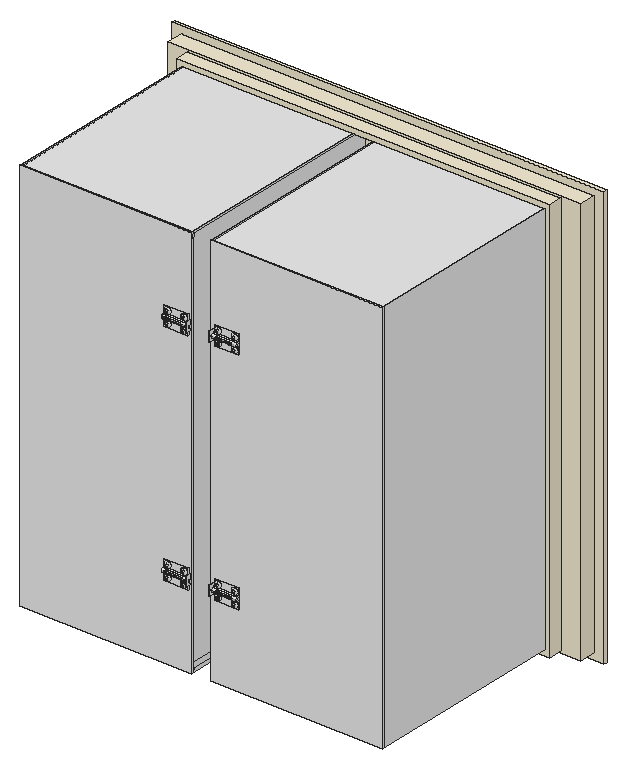
Revit family "Mailboxes_4C-Salsbury_Industries-Rear_Load-8_Door_High_Units", category Specialty Equipment, host Wall, Revit 2016
Family settings
  Host = Wall
  Part Type = Normal
  Round Connector Dimension = Use Diameter
  OmniClass Number = 23.40.90.14.11
  OmniClass Title = Mail Boxes
  Always vertical = Yes
  Cut with Voids When Loaded = No
  Shared = No
  Room Calculation Point = No
Parameters (values of type "3708D-14 RL")
  Width = 31.09766"
  URL = "www.mailboxes.com"
  OmniClass 23 Title = "Mail Boxes"
  OmniClass 23 Number = "23.40.90.14.11"
  Latch Locks-Right Side = yes
  Visible Door Number [instance] = yes
  Vertical Center Divider = yes
  Version = "3.0 (06/30/17)"
  Type Comments = "4C Standard Horizontal Mailbox - Rear Loading"
  Top Back Plate = no
  Right Inside Wall = yes
  Model = "3708D-14 RL"
  MasterFormat Title = "Postal Specialties"
  MasterFormat Number = "10 55 00"
  Manufacturer = "Salsbury Industries"
  Lock Material = Stainless Steel - Salsbury Finish -  Polished
  Left Inside Wall = yes
  Latch Locks-Left Side = yes
  Latch Distance = 6.015"
  Latch Alignment = 14.857"
  Keynote = ""
  Height = 30.500"
  Front Panel Material [instance] = Paint - Salsbury Finish - Sandstone
  Door Slot R8 Number [instance] = "14"
  Door Slot R8 = 3700 Series 4C Door Configurations : MB1 Door w/ Divider
  Door Slot R7 Number [instance] = "13"
  Door Slot R7 = 3700 Series 4C Door Configurations : MB1 Door w/ Divider
  Door Slot R6 Number [instance] = "12"
  Door Slot R6 = 3700 Series 4C Door Configurations : MB1 Door w/ Divider
  Door Slot R5 Number [instance] = "0"
  Door Slot R5 = 3700 Series 4C OM2 Configuration : OM2-RL
  Door Slot R4 Number [instance] = "0"
  Door Slot R4 = 3700 Series 4C Door Configurations : Empty
  Door Slot R3 Number [instance] = "11"
  Door Slot R3 = 3700 Series 4C Door Configurations : MB1 Door w/ Divider
  Door Slot R2 Number [instance] = "10"
  Door Slot R2 = 3700 Series 4C Door Configurations : MB1 Door w/ Divider
  Door Slot R1 Number [instance] = "9"
  Door Slot R1 = 3700 Series 4C Door Configurations : MB1 Door
  Door Slot L8 Number [instance] = "8"
  Door Slot L8 = 3700 Series 4C Door Configurations : MB1 Door w/ Divider
  Door Slot L7 Number [instance] = "7"
  Door Slot L7 = 3700 Series 4C Door Configurations : MB1 Door w/ Divider
  Door Slot L6 Number [instance] = "6"
  Door Slot L6 = 3700 Series 4C Door Configurations : MB1 Door w/ Divider
  Door Slot L5 Number [instance] = "5"
  Door Slot L5 = 3700 Series 4C Door Configurations : MB1 Door w/ Divider
  Door Slot L4 Number [instance] = "4"
  Door Slot L4 = 3700 Series 4C Door Configurations : MB1 Door w/ Divider
  Door Slot L3 Number [instance] = "3"
  Door Slot L3 = 3700 Series 4C Door Configurations : MB1 Door w/ Divider
  Door Slot L2 Number [instance] = "2"
  Door Slot L2 = 3700 Series 4C Door Configurations : MB1 Door w/ Divider
  Door Slot L1 Number [instance] = "1"
  Door Slot L1 = 3700 Series 4C Door Configurations : MB1 Door
  Description = "8 Door High Unit:  14 MB1, OM2"
  Depth = 17.025"
  Center Extrusion Offset [instance] = 0.000"
  Bottom Back Plate = no
  Back Enclosure Material = Aluminum - Salsbury Finish - Anodized
  Assembly Description = "Mailboxes"
  Assembly Code = "C1030910"
  Above Finished Floor (AFF-Bottom of Unit) [instance] = 26.683"
  Above Finished Floor (AFF-Bottom Shelf) [instance] = 28.000"
Reference planes (in)
  plane 1 "Wall Centerline": y = 0
  plane 2 "Center (Left/Right)": x = 0
  plane 3 "Front": y = 3
  plane 4 "15" AFF": z = 28
  plane 5 "28" AFF": z = 28
  plane 6 "36" AFF": z = 36
  plane 7 "48" AFF": z = 48
  plane 8 "Bottom of Unit": z = 26.683
  plane 9 "Top of Unit": z = 57.183
  plane 10 "Left Side of Unit": x = 15.54883
  plane 11 "Right Side of Unit": x = -15.54883
  plane 12 "28" AFF_Bottom of Unit": z = 26.683
  plane 13 "Top Horiz Trim Align": z = 56.35225
  plane 14 "Bottom Horiz Trim Align": z = 27.515
  plane 15 "Left Trim Align": x = 14.716
  plane 16 "Right Trim Align": x = -14.716
  plane 17 "Left Door Align": x = 14.06641
  plane 18 "Right Door Align": x = -14.06641
  plane 19 "Top Horiz Door Align": z = 55.76125
  plane 20 "Bottom Horiz Door Align": z = 28
  plane 21 "Front Face of Unit": y = 3.265
  plane 22 "Top Housing Align": z = 56.679
  plane 23 "Top Collar Align": z = 56.531
  plane 24 "Top Box Align": z = 56.176
  plane 25 "Vertical Housing Align": y = 1.795
  plane 26 "Vertical Collar Align": y = 0.795
  plane 27 "Back of Unit": y = -13.76
  plane 28 "Bottom Housing Align": z = 27.187
  plane 29 "Bottom Collar Align": z = 27.335
  plane 30 "Bottom Box Align": z = 27.75
  plane 31 "Door Alignment": y = 2.66809
  plane 32 "Right Housing Align": x = -14.84183
  plane 33 "Right Collar Align": x = -13.40883
  plane 34 "Right Box Side Align": x = -13.08083
  plane 35 "Left Housing Align": x = 14.84183
  plane 36 "Left Collar Align": x = 13.40883
  plane 37 "Left Side Box Align": x = 13.08083
  plane 38 "Top Back Plate Align": z = 55.397
  plane 39 "Bottom Back Plate Align": z = 28.499
  plane 40 "Back": y = -3
  plane 41 "RO Left Side": x = 15.17383
  plane 42 "RO Right Side": x = -15.17383
  plane 43 "RO Bottom": z = 27.058
  plane 44 "RO Top": z = 56.808
  plane 45 "Horiz Centerline": z = 42.04237
  plane 46: z = 27.885
  plane 47: x = 12.99983
  plane 48: x = 12.92758
  plane 49 "Center Extrusion": x = 0
  plane 50 "Center Extrusion Offset": x = 0
  plane 51 "Row 8 Top Align": z = 31.5
  plane 52 "Row 7 Top Align": z = 35
  plane 53 "Row 6 Top Align": z = 38.5
  plane 54 "Row 5 Top Align": z = 42
  plane 55 "Row 4 Top Align": z = 45.5
  plane 56 "Row 3 Top Align": z = 49
  plane 57 "Row 2 Top Align": z = 52.5
  plane 58 "Row 16 Top Align-Private": z = 31.5
  plane 59 "Row 15 Top Align-Private": z = 35
  plane 60 "Row 14 Top Align-Private": z = 38.5
  plane 61 "Row 13 Top Align-Private": z = 42
  plane 62 "Row 12 Top Align-Private": z = 45.5
  plane 63 "Row 11 Top Align-Private": z = 49
  plane 64 "Row 10 Top Align-Private": z = 52.25
  plane 65 "Row 9 Top Align-Private": z = 55.75
  plane 66 "Row 8 Top Align-Private": z = 59.25
  plane 67 "Top of Face Gap": z = 61.25
  plane 68 "Top Latch Align": z = 50.161
  plane 69 "Bottom Latch Align": z = 33.765
  plane 70 "Right Latch Align": x = -0.69183
  plane 71 "Left Latch Align": x = 0.69098
  plane 72 "Latch Alignment Edge": x = -15.54883
  plane 73: x = -12.92783
  plane 74: x = -12.99983
  plane 75: y = -13.84203
  plane 76: x = -2
  plane 77: x = -0.7705
  plane 78: x = 0.7705
  plane 79: x = 2
  plane 80: y = -13.67797
  plane 81: x = -0.69098
  plane 82: x = 0.69183
  plane 83: z = 53.897
  plane 84: z = 29.999
  plane 85: z = 55.81729
  plane 86: z = 28.41625
  plane 87: z = 27.446
  plane 88: z = 28.055
Forms (in)
  Extrusion 1, void
    sketch origin (0, 3, 0) x (1, 0, 0) y (0, 0, 1)
      loop
        line (15.17383, 56.808) -> (-15.17383, 56.808) -> (-15.17383, 27.058) -> (15.17383, 27.058) -> (15.17383, 56.808)
    from 0 to 15.27914
  Extrusion 2, solid, material "Paint - Salsbury Finish - Sandstone" <- "Front Panel Material"
    sketch origin (0, 3, 0) x (1, 0, 0) y (0, 0, 1)
      loop
        line (15.54883, 57.183) -> (-15.54883, 57.183) -> (-15.54883, 26.683) -> (15.54883, 26.683) -> (15.54883, 57.183)
    from -0.265 to 0
  Extrusion 3, void
    sketch origin (0, 3.265, 0.00774) x (0, 0, -1) y (-1, 0, 0)
      loop
        line (-56.34451, -14.716) -> (-27.50726, -14.716) -> (-27.50726, 14.716) -> (-56.34451, 14.716) -> (-56.34451, -14.716)
    from -0.265 to 0
  Extrusion 4, solid, material "Paint - Salsbury Finish - Sandstone" <- "Front Panel Material"
    sketch origin (14.98214, 3.265, -1.67978) x (0, 0, -1) y (-1, 0, 0)
      loop
        line (-58.03203, 29.69814) -> (-58.03203, 29.04855) -> (-29.19478, 29.04855) -> (-29.19478, 29.69814) -> (-58.03203, 29.69814)
    from 0 to -0.265
  Extrusion 5, solid, material "Paint - Salsbury Finish - Sandstone" <- "Front Panel Material"
    sketch origin (0, 3.265, 0) x (0, 0, -1) y (-1, 0, 0)
      loop
        line (-27.515, -14.06641) -> (-27.515, 14.06641) -> (-28, 14.06641) -> (-28, -14.06641) -> (-27.515, -14.06641)
    from -0.265 to 0
  Extrusion 6, solid, material "Paint - Salsbury Finish - Sandstone" <- "Front Panel Material"
    sketch origin (0, 3, 84.08475) x (1, 0, 0) y (0, 0, 1)
      loop
        line (-14.84183, -56.89775) -> (14.84183, -56.89775) -> (14.84183, -27.40575) -> (-14.84183, -27.40575) -> (-14.84183, -56.89775)
    from 0 to 1.205
  Extrusion 7, solid, material "Paint - Salsbury Finish - Sandstone" <- "Front Panel Material"
    sketch origin (0, 1.795, 0) x (0, 0, 1) y (-1, 0, 0)
      loop
        line (27.335, 13.40883) -> (27.335, -13.40883) -> (56.531, -13.40883) -> (56.531, 13.40883) -> (27.335, 13.40883)
    from 0 to 1
  Extrusion 8, void
    sketch origin (0, 1.795, 0) x (0, 0, 1) y (-1, 0, 0)
      loop
        line (56.176, 13.08083) -> (27.75, 13.08083) -> (27.75, -13.08083) -> (56.176, -13.08083) -> (56.176, 13.08083)
    from 0 to 1
  Extrusion 9, solid, material "Paint - Salsbury Finish - Sandstone" <- "Front Panel Material"
    sketch origin (0, 3.265, 0) x (0, 0, -1) y (-1, 0, 0)
      loop
        line (-56.35225, -14.716) -> (-27.515, -14.716) -> (-27.515, -14.06641) -> (-56.35225, -14.06641) -> (-56.35225, -14.716)
    from 0 to -0.265
  Extrusion 10, solid, material "Paint - Salsbury Finish - Sandstone" <- "Front Panel Material"
    sketch origin (0, 3.265, 0) x (0, 0, -1) y (-1, 0, 0)
      loop
        line (-56.35225, -14.06641) -> (-55.76125, -14.06641) -> (-55.76125, 14.06641) -> (-56.35225, 14.06641) -> (-56.35225, -14.06641)
    from -0.265 to 0
  Extrusion 11, void
    sketch origin (0, 1.795, 0) x (0, 0, 1) y (-1, 0, 0)
      loop
        line (56.531, -13.40883) -> (56.531, 13.40883) -> (27.335, 13.40883) -> (27.335, -13.40883) -> (56.531, -13.40883)
    from -1.124 to 0
  Extrusion 12, void
    sketch origin (0, 3, 0) x (1, 0, 0) y (0, 0, 1)
      loop
        line (14.06641, 56.531) -> (-14.06641, 56.531) -> (-14.06641, 27.335) -> (14.06641, 27.335) -> (14.06641, 56.531)
    from 0 to 0.33191
  Extrusion 13, solid, material "Aluminum - Salsbury Finish - Anodized" <- "Back Enclosure Material"
    sketch origin (-0.58189, 1.795, 0) x (0, 0, 1) y (-1, 0, 0)
      loop
        line (56.176, 12.49894) -> (27.75, 12.49894) -> (27.75, 12.41794) -> (56.176, 12.41794) -> (56.176, 12.49894)
    from 0 to 15.47297
  Extrusion 14, solid, material "Aluminum - Salsbury Finish - Anodized" <- "Back Enclosure Material", visible <- "Right Inside Wall"
    sketch origin (11.7675, 1.795, 0) x (0, 0, 1) y (-1, 0, 0)
      loop
        line (56.176, 12.538) -> (27.75, 12.538) -> (27.75, 12.45933) -> (56.176, 12.45933) -> (56.176, 12.538)
    from 0 to 15.47297
  Extrusion 15, solid, material "Aluminum - Salsbury Finish - Anodized" <- "Back Enclosure Material"
    sketch origin (0.54283, 1.795, 0) x (0, 0, 1) y (-1, 0, 0)
      loop
        line (56.176, -12.538) -> (56.176, -12.457) -> (27.75, -12.457) -> (27.75, -12.538) -> (56.176, -12.538)
    from 0 to 15.47297
  Extrusion 16, solid, material "Aluminum - Salsbury Finish - Anodized" <- "Back Enclosure Material", visible <- "Left Inside Wall"
    sketch origin (-11.7675, 1.795, 0) x (0, 0, 1) y (-1, 0, 0)
      loop
        line (56.176, -12.538) -> (56.176, -12.45849) -> (27.75, -12.45849) -> (27.75, -12.538) -> (56.176, -12.538)
    from 0 to 15.47297
  Extrusion 17, solid, material "Aluminum - Salsbury Finish - Anodized" <- "Back Enclosure Material"
    sketch origin (0, -13.76, 0) x (0, 0, 1) y (-1, 0, 0)
      loop
        line (56.176, 13.08083) -> (27.75, 13.08083) -> (27.75, -13.08083) -> (56.176, -13.08083) -> (56.176, 13.08083)
    from -0.08203 to 0
  Extrusion 18, solid, material "Aluminum - Salsbury Finish - Anodized" <- "Back Enclosure Material"
    sketch origin (-0.15625, 0, 56.176) x (0, 1, 0) y (-1, 0, 0)
      loop
        line (1.795, 12.84358) -> (-13.67797, 12.84358) -> (-13.67797, -13.15608) -> (1.795, -13.15608) -> (1.795, 12.84358)
    from -0.35871 to 0
  Extrusion 19, void
    sketch origin (0, 0, 56.176) x (0, 1, 0) y (-1, 0, 0)
      loop
        line (1.7325, 12.93342) -> (-13.61547, 12.93342) -> (-13.61547, -12.92758) -> (1.7325, -12.92758) -> (1.7325, 12.93342)
    from -0.0723 to -0.6459
  Extrusion 20, solid, material "Aluminum - Salsbury Finish - Anodized" <- "Back Enclosure Material"
    sketch origin (0, 0, 15.41625) x (1, 0, 0) y (0, 1, 0)
      loop
        line (-12.99983, 1.795) -> (-12.99983, -13.67797) -> (12.99983, -13.67797) -> (12.99983, 1.795) -> (-12.99983, 1.795)
    from 12.46875 to 13
  Extrusion 21, void
    sketch origin (0, 0, 26.66625) x (1, 0, 0) y (0, 1, 0)
      loop
        line (-12.93342, 1.7325) -> (-12.93342, -13.61547) -> (12.92758, -13.61547) -> (12.92758, 1.7325) -> (-12.93342, 1.7325)
    from 1.38875 to 0.77975
  Extrusion 22, solid, material "Aluminum - Salsbury Finish - Anodized" <- "Back Enclosure Material", visible <- "Top Back Plate", detail levels medium+fine
    sketch origin (0, -13.76, 0) x (0, 0, 1) y (-1, 0, 0)
      loop
        line (55.397, 2) -> (53.897, 2) -> (53.897, -2) -> (55.397, -2) -> (55.397, 2)
    from 0 to 0.08203
  Extrusion 23, solid, material "Aluminum - Salsbury Finish - Anodized" <- "Back Enclosure Material", visible <- "Bottom Back Plate", detail levels medium+fine
    sketch origin (0, -13.76, 84.11475) x (0, 0, -1) y (1, 0, 0)
      loop
        line (55.61575, -2) -> (55.61575, 2) -> (54.11575, 2) -> (54.11575, -2) -> (55.61575, -2)
    from 0 to 0.08203
  Extrusion 24, void
    sketch origin (0, 0, 0) x (0, 0, -1) y (0, 1, 0)
      loop
        line (-56.176, 1.795) -> (-56.176, -13.76) -> (-27.75, -13.76) -> (-27.75, 1.795) -> (-27.515, 1.795) -> (-27.515, 3.265) -> (-56.35225, 3.265) -> (-56.35225, 1.795) -> (-56.176, 1.795)
    from -0.69098 to 0.69183
  Extrusion 25, solid, material "Paint - Salsbury Finish - Sandstone" <- "Front Panel Material", visible <- "Vertical Center Divider"
    sketch origin (-0.77934, 3.265, 0) x (0, 0, -1) y (-1, 0, 0)
      loop
        line (-56.35225, -1.47033) -> (-27.515, -1.47033) -> (-27.515, -0.08752) -> (-56.35225, -0.08752) -> (-56.35225, -1.47033)
    from 0 to -1.47
Cuts and joins
  Extrusion 3, Extrusion 11, Extrusion 24 cuts Extrusion 2
  Extrusion 8, Extrusion 11, Extrusion 12, Extrusion 24 cuts Extrusion 5
  Extrusion 8, Extrusion 12, Extrusion 19, Extrusion 24 cuts Extrusion 7
  Extrusion 11, Extrusion 12, Extrusion 24 cuts Extrusion 10
  Extrusion 11, Extrusion 12 cuts Extrusion 6
  Extrusion 12 cuts Extrusion 4
  Extrusion 12 cuts Extrusion 9
  Extrusion 19, Extrusion 21, Extrusion 24 cuts Extrusion 18
  Extrusion 21, Extrusion 24 cuts Extrusion 20
  Extrusion 24 cuts Extrusion 17
  Extrusion 24 cuts Extrusion 22
  Extrusion 24 cuts Extrusion 23
Lines and regions (in)
  model lines
    curve 1: line (15.54883, 3.265, 57.183) -> (14.716, 3.265, 56.35225)
    curve 2: line (-15.54883, 3.265, 57.183) -> (-14.716, 3.265, 56.35225)
    curve 3: line (-15.54883, 3.265, 26.683) -> (-14.716, 3.265, 27.515)
    curve 4: line (15.54883, 3.265, 26.683) -> (14.716, 3.265, 27.515)
  reference lines
    curve 5: line (-14.06641, 2.66809, 26.683) -> (-14.06641, 2.66809, 57.183)
    curve 6: line (14.06641, 2.66809, 26.683) -> (14.06641, 2.66809, 57.183)
  symbolic lines
    curve 7: line (-13.08083, -13.76, 28) -> (13.08083, -13.76, 28)
    curve 8: line (-13.08083, 0.795, 28) -> (-13.08083, -13.76, 28)
    curve 9: line (13.40883, 0.795, 28) -> (-13.40883, 0.795, 28)
    curve 10: line (13.08083, -13.76, 28) -> (13.08083, 0.795, 28)
    curve 11: line (13.40883, 0.795, 28) -> (13.40883, 1.795, 28)
    curve 12: line (-13.40883, 0.795, 28) -> (-13.40883, 1.795, 28)
    curve 13: line (-14.84183, 3, 28) -> (-14.84183, 1.795, 28)
    curve 14: line (-14.84183, 1.795, 28) -> (14.84183, 1.795, 28)
    curve 15: line (14.84183, 1.795, 28) -> (14.84183, 3, 28)
    curve 16: line (-15.54883, 3.265, 28) -> (15.54883, 3.265, 28)
    curve 17: line (-15.54883, 3, 28) -> (-15.54883, 3.265, 28)
    curve 18: line (15.54883, 3, 28) -> (-15.54883, 3, 28)
    curve 19: line (15.54883, 3.265, 28) -> (15.54883, 3, 28)
    curve 20: line (-14.06641, 3.265, 28) -> (-14.06641, 4.43, 28)
    curve 21: line (-14.06641, 4.43, 28) -> (-0.69183, 4.43, 28)
    curve 22: line (-0.69183, 4.43, 28) -> (-0.69183, 3.265, 28)
Text (in)
  text "Placement Side" at (0, 40.15149, 123.01588), in view "Right"
  text "Placement Side" at (-58.6842, 42.74981, 0), in view "Ref. Level"
  text "Placement Side" at (0, 47.49176, 140.59947), in view "Left"
Dimensions and locks (in)
  locked: plane 3 "Front" to host wall
  "Above Finished Floor (AFF-Bottom Shelf)": level to plane 4 "15" AFF"
  locked: level to plane 5 "28" AFF" at 28
  locked: level to plane 6 "36" AFF" at 36
  locked: level to plane 7 "48" AFF" at 48
  equal spacing: plane 11 "Right Side of Unit", plane 2 "Center (Left/Right)", plane 10 "Left Side of Unit"
  plane 8 "Bottom of Unit" to plane 4 "15" AFF" = 1.317"
  "Width": plane 11 "Right Side of Unit" to plane 10 "Left Side of Unit"
  "Height": plane 8 "Bottom of Unit" to plane 9 "Top of Unit"
  plane 12 "28" AFF_Bottom of Unit" to plane 5 "28" AFF" = 1.317"
  locked: plane 15 "Left Trim Align" to plane 10 "Left Side of Unit" at 0.83283
  locked: plane 16 "Right Trim Align" to plane 11 "Right Side of Unit" at 0.83283
  locked: plane 13 "Top Horiz Trim Align" to plane 9 "Top of Unit" at 0.83075
  locked: plane 8 "Bottom of Unit" to plane 14 "Bottom Horiz Trim Align" at 0.832
  plane 17 "Left Door Align" to plane 15 "Left Trim Align" = 0.64959"
  plane 18 "Right Door Align" to plane 16 "Right Trim Align" = 0.64959"
  locked: plane 19 "Top Horiz Door Align" to plane 13 "Top Horiz Trim Align" at 0.591
  locked: plane 14 "Bottom Horiz Trim Align" to plane 20 "Bottom Horiz Door Align" at 0.485
  plane 20 "Bottom Horiz Door Align" to level = 28.000"
  plane 5 "28" AFF" to level = 28.000"
  plane 6 "36" AFF" to level = 36.000"
  plane 7 "48" AFF" to level = 48.000"
  plane 9 "Top of Unit" to plane 8 "Bottom of Unit" = 30.500"
  plane 21 "Front Face of Unit" to host wall = 0.265"
  locked: host wall to plane 25 "Vertical Housing Align" at 1.205
  locked: plane 25 "Vertical Housing Align" to plane 26 "Vertical Collar Align" at 1
  plane 25 "Vertical Housing Align" to plane 27 "Back of Unit" = 15.555"
  "Depth": plane 21 "Front Face of Unit" to plane 27 "Back of Unit"
  locked: plane 9 "Top of Unit" to plane 22 "Top Housing Align" at 0.504
  locked: plane 22 "Top Housing Align" to plane 23 "Top Collar Align" at 0.148
  locked: plane 23 "Top Collar Align" to plane 24 "Top Box Align" at 0.355
  locked: plane 28 "Bottom Housing Align" to plane 8 "Bottom of Unit" at 0.504
  locked: plane 29 "Bottom Collar Align" to plane 28 "Bottom Housing Align" at 0.148
  locked: plane 30 "Bottom Box Align" to plane 29 "Bottom Collar Align" at 0.415
  plane 24 "Top Box Align" to plane 30 "Bottom Box Align" = 28.426"  (x2)
  locked: plane 21 "Front Face of Unit" to plane 31 "Door Alignment" at 0.59691
  plane 11 "Right Side of Unit" to plane 32 "Right Housing Align" to plane 33 "Right Collar Align" to plane 34 "Right Box Side Align" = 0.707" locked, 1.433" locked, 0.328" locked
  plane 37 "Left Side Box Align" to plane 36 "Left Collar Align" to plane 35 "Left Housing Align" to plane 10 "Left Side of Unit" = 0.328" locked, 1.433" locked, 0.707" locked
  plane 11 "Right Side of Unit" to plane 32 "Right Housing Align" to plane 33 "Right Collar Align" to plane 34 "Right Box Side Align" = 0.707", 1.433", 0.328"
  plane 37 "Left Side Box Align" to plane 36 "Left Collar Align" to plane 35 "Left Housing Align" to plane 10 "Left Side of Unit" = 0.328", 1.433", 0.707"
  plane 9 "Top of Unit" to plane 24 "Top Box Align" = 1.007"
  plane 30 "Bottom Box Align" to plane 8 "Bottom of Unit" = 1.067"
  locked: plane 24 "Top Box Align" to plane 38 "Top Back Plate Align" at 0.779
  locked: plane 39 "Bottom Back Plate Align" to plane 30 "Bottom Box Align" at 0.749
  locked: plane 41 "RO Left Side" to plane 10 "Left Side of Unit" at 0.375
  locked: plane 42 "RO Right Side" to plane 11 "Right Side of Unit" at 0.375
  locked: plane 8 "Bottom of Unit" to plane 43 "RO Bottom" at 0.375
  locked: plane 44 "RO Top" to plane 9 "Top of Unit" at 0.375
  Extrusion 13 to Extrusion 13 = 0.081"
  plane 46 to plane 30 "Bottom Box Align" = 0.135"
  Extrusion 15 to Extrusion 15 = 0.081"
  plane 47 to plane 37 "Left Side Box Align" = 0.081"
  plane 48 to plane 47 = 0.07225"
  plane 18 "Right Door Align" to plane 17 "Left Door Align" = 28.13281"
  "Center Extrusion Offset": plane 49 "Center Extrusion" to plane 50 "Center Extrusion Offset"
  plane 20 "Bottom Horiz Door Align" to plane 51 "Row 8 Top Align" to plane 52 "Row 7 Top Align" to plane 53 "Row 6 Top Align" to plane 54 "Row 5 Top Align" to plane 55 "Row 4 Top Align" to plane 56 "Row 3 Top Align" to plane 57 "Row 2 Top Align" = 3.500", 3.500" locked, 3.500" locked, 3.500" locked, 3.500" locked, 3.500" locked, 3.500" locked
  plane 4 "15" AFF" to plane 58 "Row 16 Top Align-Private" = 3.500"
  plane 58 "Row 16 Top Align-Private" to plane 59 "Row 15 Top Align-Private" to plane 60 "Row 14 Top Align-Private" to plane 61 "Row 13 Top Align-Private" to plane 62 "Row 12 Top Align-Private" to plane 63 "Row 11 Top Align-Private" to plane 64 "Row 10 Top Align-Private" to plane 65 "Row 9 Top Align-Private" to plane 66 "Row 8 Top Align-Private" = 3.500" locked, 3.500" locked, 3.500" locked, 3.500" locked, 3.500" locked, 3.250" locked, 3.500" locked, 3.500" locked
  locked: plane 66 "Row 8 Top Align-Private" to plane 67 "Top of Face Gap" at 2
  "Above Finished Floor (AFF-Bottom of Unit)": level to plane 8 "Bottom of Unit"
  locked: plane 70 "Right Latch Align" to plane 71 "Left Latch Align" at 1.38281
  "Latch Distance": plane 24 "Top Box Align" to plane 68 "Top Latch Align"
  "Latch Distance": plane 69 "Bottom Latch Align" to plane 30 "Bottom Box Align"
  "Latch Alignment": plane 72 "Latch Alignment Edge" to plane 70 "Right Latch Align"
  curve 15 to curve 19 = 0.707"
  plane 34 "Right Box Side Align" to plane 74 to plane 73 = 0.081", 0.072"
  plane 75 to plane 27 "Back of Unit" = 0.08203"
  plane 27 "Back of Unit" to plane 80 = 0.08203"
  cut or joined group of Extrusion 6, Extrusion 11, Extrusion 12 to Extrusion 25 = 29.16525"
  plane 76 to plane 77 to plane 70 "Right Latch Align" to plane 50 "Center Extrusion Offset" = 1.2295", 0.07867", 0.69183"
  plane 50 "Center Extrusion Offset" to plane 71 "Left Latch Align" to plane 78 to plane 79 = 0.69098", 0.07952", 1.2295"
  plane 81 to plane 49 "Center Extrusion" to plane 82 = 0.69098" locked, 0.69183" locked
  plane 11 "Right Side of Unit" to Extrusion 2 = 31.09766"
  plane 10 "Left Side of Unit" to Extrusion 6 = 30.39066"
  plane 38 "Top Back Plate Align" to plane 83 = 1.500"
  plane 84 to plane 39 "Bottom Back Plate Align" = 1.500"
  plane 4 "15" AFF" to Extrusion 13 = 28.176"
  plane 4 "15" AFF" to Extrusion 14 = 28.176"
  Extrusion 14 to Extrusion 16 = 28.426"
  Extrusion 16 to Extrusion 15 = 28.426"
  locked: plane 85 to plane 24 "Top Box Align" at 0.35871
  plane 14 "Bottom Horiz Trim Align" to plane 86 = 0.90125"
  plane 87 to plane 30 "Bottom Box Align" to plane 88 = 0.304" locked, 0.305" locked
  aligned and locked: plane 8 "Bottom of Unit" to Extrusion 2 sketch curve
  aligned and locked: plane 10 "Left Side of Unit" to Extrusion 2 sketch curve
  aligned and locked: Extrusion 2 sketch curve to plane 11 "Right Side of Unit"
  aligned and locked: Extrusion 2 sketch curve to plane 9 "Top of Unit"
  aligned and locked: plane 21 "Front Face of Unit" to Extrusion 2
  aligned and locked: Extrusion 4 to plane 16 "Right Trim Align"
  aligned and locked: plane 18 "Right Door Align" to Extrusion 4
  aligned and locked: plane 13 "Top Horiz Trim Align" to Extrusion 4
  aligned and locked: Extrusion 5 to plane 14 "Bottom Horiz Trim Align"
  aligned and locked: Extrusion 5 to plane 17 "Left Door Align"
  aligned and locked: plane 20 "Bottom Horiz Door Align" to Extrusion 5
  aligned and locked: Extrusion 5 to plane 18 "Right Door Align"
  aligned and locked: plane 34 "Right Box Side Align" to Extrusion 17 sketch curve
  aligned and locked: Extrusion 17 sketch curve to plane 24 "Top Box Align"
  aligned and locked: Extrusion 17 sketch curve to plane 37 "Left Side Box Align"
  aligned and locked: plane 30 "Bottom Box Align" to Extrusion 17 sketch curve
  aligned and locked: plane 25 "Vertical Housing Align" to Extrusion 18 sketch curve
  aligned and locked: Extrusion 18 sketch curve to plane 47
  aligned and locked: plane 48 to Extrusion 19
  aligned and locked: plane 47 to cut or joined group of Extrusion 18, Extrusion 19, Extrusion 21, Extrusion 24
  aligned and locked: plane 25 "Vertical Housing Align" to Extrusion 20 sketch curve
  aligned and locked: Extrusion 20 sketch curve to plane 47
  aligned and locked: plane 48 to cut or joined group of Extrusion 20, Extrusion 21, Extrusion 24
  aligned and locked: plane 17 "Left Door Align" to cut or joined group of Extrusion 9, Extrusion 12
  aligned and locked: plane 25 "Vertical Housing Align" to Extrusion 25
  aligned and locked: plane 21 "Front Face of Unit" to Extrusion 25
  aligned and locked: nested 1 to plane 57 "Row 2 Top Align"
  aligned and locked: nested 2 to plane 56 "Row 3 Top Align"
  aligned and locked: nested 9 to plane 17 "Left Door Align"
  aligned and locked: nested 9 to plane 57 "Row 2 Top Align"
  aligned and locked: plane 31 "Door Alignment" to nested 9  (x2)
  aligned and locked: nested 10 to plane 17 "Left Door Align"
  aligned and locked: nested 10 to plane 56 "Row 3 Top Align"
  aligned and locked: plane 31 "Door Alignment" to nested 10  (x2)
  aligned and locked: nested 15 to plane 17 "Left Door Align"
  aligned and locked: nested 15 to plane 51 "Row 8 Top Align"
  aligned and locked: plane 31 "Door Alignment" to nested 15
  aligned and locked: nested 8 to curve 5
  aligned and locked: nested 7 to curve 5
  aligned and locked: nested 6 to curve 5
  aligned and locked: nested 5 to curve 5
  aligned and locked: nested 3 to curve 5
  aligned and locked: nested 16 to curve 6
  aligned and locked: nested 15 to curve 6
  aligned and locked: nested 14 to curve 6
  aligned and locked: nested 13 to curve 6
  aligned and locked: nested 12 to curve 6
  aligned and locked: nested 11 to curve 6
  aligned and locked: nested 10 to curve 6
  aligned and locked: nested 9 to curve 6
  aligned and locked: plane 31 "Door Alignment" to nested 6
  aligned and locked: plane 31 "Door Alignment" to nested 16
  aligned and locked: plane 31 "Door Alignment" to nested 8
  aligned and locked: plane 31 "Door Alignment" to nested 14
  aligned and locked: plane 31 "Door Alignment" to nested 5
  aligned and locked: plane 31 "Door Alignment" to nested 3
  aligned and locked: plane 31 "Door Alignment" to nested 11
  aligned and locked: plane 31 "Door Alignment" to nested 13
  aligned and locked: plane 31 "Door Alignment" to nested 2
  aligned and locked: plane 31 "Door Alignment" to nested 4
  aligned and locked: nested 1 to curve 5
  aligned and locked: nested 2 to curve 5
  aligned and locked: nested 4 to curve 5
  aligned and locked: plane 31 "Door Alignment" to nested 1
  aligned and locked: plane 31 "Door Alignment" to nested 7
  aligned and locked: plane 69 "Bottom Latch Align" to nested 17
  aligned and locked: plane 68 "Top Latch Align" to nested 18
  aligned and locked: plane 70 "Right Latch Align" to nested 18
  aligned and locked: plane 70 "Right Latch Align" to nested 17
  aligned and locked: plane 11 "Right Side of Unit" to plane 72 "Latch Alignment Edge"
  aligned and locked: nested 17 to plane 27 "Back of Unit"
  aligned and locked: nested 18 to plane 27 "Back of Unit"
  aligned and locked: plane 37 "Left Side Box Align" to curve 10
  aligned and locked: plane 27 "Back of Unit" to curve 7
  aligned and locked: curve 8 to plane 34 "Right Box Side Align"
  aligned and locked: curve 9 to plane 26 "Vertical Collar Align"
  aligned and locked: curve 13 to cut or joined group of Extrusion 6, Extrusion 11, Extrusion 12
  aligned and locked: curve 14 to cut or joined group of Extrusion 6, Extrusion 11, Extrusion 12
  aligned and locked: curve 15 to cut or joined group of Extrusion 6, Extrusion 11, Extrusion 12
  aligned and locked: nested 1 to curve 20
  aligned and locked: plane 70 "Right Latch Align" to curve 22
  aligned and locked: plane 21 "Front Face of Unit" to cut or joined group of Extrusion 2, Extrusion 3, Extrusion 11, Extrusion 24
  aligned and locked: plane 3 "Front" to cut or joined group of Extrusion 2, Extrusion 3, Extrusion 11, Extrusion 24
  aligned and locked: plane 35 "Left Housing Align" to cut or joined group of Extrusion 6, Extrusion 11, Extrusion 12  (x2)
  aligned and locked: plane 25 "Vertical Housing Align" to cut or joined group of Extrusion 6, Extrusion 11, Extrusion 12
  aligned and locked: cut or joined group of Extrusion 6, Extrusion 11, Extrusion 12 to plane 3 "Front"
  aligned and locked: cut or joined group of Extrusion 6, Extrusion 11, Extrusion 12 to plane 32 "Right Housing Align"
  aligned and locked: plane 26 "Vertical Collar Align" to cut or joined group of Extrusion 7, Extrusion 8, Extrusion 12, Extrusion 19, Extrusion 24
  aligned and locked: cut or joined group of Extrusion 7, Extrusion 8, Extrusion 12, Extrusion 19, Extrusion 24 to plane 33 "Right Collar Align"
  aligned and locked: cut or joined group of Extrusion 7, Extrusion 8, Extrusion 12, Extrusion 19, Extrusion 24 to plane 25 "Vertical Housing Align"
  aligned and locked: plane 36 "Left Collar Align" to cut or joined group of Extrusion 7, Extrusion 8, Extrusion 12, Extrusion 19, Extrusion 24
  aligned and locked: plane 37 "Left Side Box Align" to Extrusion 15
  aligned and locked: Extrusion 15 to plane 47  (x2)
  aligned and locked: plane 27 "Back of Unit" to cut or joined group of Extrusion 17, Extrusion 24
  aligned and locked: Extrusion 13 to plane 34 "Right Box Side Align"
  aligned and locked: plane 37 "Left Side Box Align" to cut or joined group of Extrusion 17, Extrusion 24
  aligned and locked: plane 74 to Extrusion 13
  aligned and locked: cut or joined group of Extrusion 18, Extrusion 19, Extrusion 21, Extrusion 24 to plane 74
  aligned and locked: plane 75 to cut or joined group of Extrusion 22, Extrusion 24
  aligned and locked: plane 75 to cut or joined group of Extrusion 23, Extrusion 24
  aligned and locked: cut or joined group of Extrusion 22, Extrusion 24 to plane 27 "Back of Unit"
  aligned and locked: cut or joined group of Extrusion 23, Extrusion 24 to plane 27 "Back of Unit"
  aligned and locked: plane 78 to Extrusion 16
  aligned and locked: Extrusion 14 to plane 77
  aligned and locked: plane 79 to cut or joined group of Extrusion 22, Extrusion 24
  aligned and locked: plane 76 to cut or joined group of Extrusion 22, Extrusion 24  (x2)
  aligned and locked: plane 76 to cut or joined group of Extrusion 23, Extrusion 24  (x2)
  aligned and locked: cut or joined group of Extrusion 23, Extrusion 24 to plane 79  (x2)
  aligned and locked: plane 80 to cut or joined group of Extrusion 17, Extrusion 24
  aligned and locked: plane 80 to cut or joined group of Extrusion 18, Extrusion 19, Extrusion 21, Extrusion 24
  aligned and locked: Extrusion 15 to plane 25 "Vertical Housing Align"
  aligned and locked: Extrusion 16 to plane 25 "Vertical Housing Align"
  aligned and locked: Extrusion 14 to plane 25 "Vertical Housing Align"
  aligned and locked: Extrusion 13 to plane 25 "Vertical Housing Align"
  aligned and locked: plane 80 to Extrusion 15
  aligned and locked: plane 80 to Extrusion 16
  aligned and locked: plane 80 to Extrusion 14
  aligned and locked: plane 80 to Extrusion 13
  aligned and locked: Extrusion 14 to plane 70 "Right Latch Align"
  aligned and locked: plane 13 "Top Horiz Trim Align" to cut or joined group of Extrusion 9, Extrusion 12
  aligned and locked: cut or joined group of Extrusion 9, Extrusion 12 to plane 15 "Left Trim Align"
  aligned and locked: cut or joined group of Extrusion 9, Extrusion 12 to plane 14 "Bottom Horiz Trim Align"
  aligned and locked: cut or joined group of Extrusion 4, Extrusion 12 to plane 14 "Bottom Horiz Trim Align"
  aligned and locked: cut or joined group of Extrusion 10, Extrusion 11, Extrusion 12, Extrusion 24 to plane 17 "Left Door Align"
  aligned and locked: cut or joined group of Extrusion 10, Extrusion 11, Extrusion 12, Extrusion 24 to plane 18 "Right Door Align"
  aligned and locked: cut or joined group of Extrusion 10, Extrusion 11, Extrusion 12, Extrusion 24 to plane 19 "Top Horiz Door Align"
  aligned and locked: plane 13 "Top Horiz Trim Align" to cut or joined group of Extrusion 10, Extrusion 11, Extrusion 12, Extrusion 24
  aligned and locked: plane 21 "Front Face of Unit" to cut or joined group of Extrusion 9, Extrusion 12
  aligned and locked: plane 3 "Front" to cut or joined group of Extrusion 9, Extrusion 12
  aligned and locked: plane 21 "Front Face of Unit" to cut or joined group of Extrusion 4, Extrusion 12
  aligned and locked: plane 3 "Front" to cut or joined group of Extrusion 4, Extrusion 12
  aligned and locked: plane 13 "Top Horiz Trim Align" to Extrusion 25
  aligned and locked: Extrusion 25 to plane 14 "Bottom Horiz Trim Align"
  aligned and locked: plane 70 "Right Latch Align" to Extrusion 25
  aligned and locked: Extrusion 25 to plane 71 "Left Latch Align"
  aligned and locked: plane 71 "Left Latch Align" to Extrusion 16
  aligned and locked: plane 81 to Extrusion 24
  aligned and locked: plane 82 to Extrusion 24
  aligned and locked: plane 27 "Back of Unit" to Extrusion 24
  aligned and locked: plane 21 "Front Face of Unit" to Extrusion 24
  aligned and locked: nested 17 to plane 70 "Right Latch Align"
  aligned and locked: nested 18 to plane 70 "Right Latch Align"
  aligned and locked: plane 9 "Top of Unit" to curve 5
  aligned and locked: plane 8 "Bottom of Unit" to curve 5
  aligned and locked: plane 8 "Bottom of Unit" to curve 6
  aligned and locked: curve 6 to plane 17 "Left Door Align"
  aligned and locked: plane 22 "Top Housing Align" to cut or joined group of Extrusion 6, Extrusion 11, Extrusion 12
  aligned and locked: plane 28 "Bottom Housing Align" to cut or joined group of Extrusion 6, Extrusion 11, Extrusion 12
  aligned and locked: cut or joined group of Extrusion 7, Extrusion 8, Extrusion 12, Extrusion 19, Extrusion 24 to plane 29 "Bottom Collar Align"
  aligned and locked: plane 23 "Top Collar Align" to cut or joined group of Extrusion 7, Extrusion 8, Extrusion 12, Extrusion 19, Extrusion 24
  aligned and locked: plane 10 "Left Side of Unit" to curve 1
  aligned and locked: plane 9 "Top of Unit" to curve 1
  aligned and locked: plane 15 "Left Trim Align" to curve 1
  aligned and locked: plane 13 "Top Horiz Trim Align" to curve 1
  aligned and locked: plane 11 "Right Side of Unit" to curve 2
  aligned and locked: plane 9 "Top of Unit" to curve 2
  aligned and locked: plane 16 "Right Trim Align" to curve 2
  aligned and locked: plane 13 "Top Horiz Trim Align" to curve 2
  aligned and locked: plane 10 "Left Side of Unit" to curve 4
  aligned and locked: plane 8 "Bottom of Unit" to curve 4
  aligned and locked: plane 15 "Left Trim Align" to curve 4
  aligned and locked: plane 14 "Bottom Horiz Trim Align" to curve 4
  aligned and locked: plane 8 "Bottom of Unit" to curve 3
  aligned and locked: plane 11 "Right Side of Unit" to curve 3
  aligned and locked: plane 16 "Right Trim Align" to curve 3
  aligned and locked: plane 14 "Bottom Horiz Trim Align" to curve 3
  aligned and locked: cut or joined group of Extrusion 22, Extrusion 24 to plane 38 "Top Back Plate Align"
  aligned and locked: cut or joined group of Extrusion 22, Extrusion 24 to plane 79
  aligned and locked: plane 83 to cut or joined group of Extrusion 22, Extrusion 24
  aligned and locked: cut or joined group of Extrusion 23, Extrusion 24 to plane 39 "Bottom Back Plate Align"
  aligned and locked: plane 84 to cut or joined group of Extrusion 23, Extrusion 24
  aligned and locked: plane 24 "Top Box Align" to Extrusion 13
  aligned and locked: Extrusion 13 to plane 30 "Bottom Box Align"
  aligned and locked: plane 24 "Top Box Align" to Extrusion 14
  aligned and locked: Extrusion 14 to plane 30 "Bottom Box Align"
  aligned and locked: Extrusion 16 to plane 30 "Bottom Box Align"
  aligned and locked: plane 24 "Top Box Align" to Extrusion 16
  aligned and locked: plane 24 "Top Box Align" to Extrusion 15
  aligned and locked: Extrusion 15 to plane 30 "Bottom Box Align"
  aligned and locked: plane 24 "Top Box Align" to cut or joined group of Extrusion 18, Extrusion 19, Extrusion 21, Extrusion 24
  aligned and locked: plane 85 to cut or joined group of Extrusion 18, Extrusion 19, Extrusion 21, Extrusion 24
  aligned and locked: cut or joined group of Extrusion 20, Extrusion 21, Extrusion 24 to plane 46
  aligned and locked: plane 86 to cut or joined group of Extrusion 20, Extrusion 21, Extrusion 24
  aligned and locked: plane 80 to cut or joined group of Extrusion 20, Extrusion 21, Extrusion 24
  aligned and locked: cut or joined group of Extrusion 20, Extrusion 21, Extrusion 24 to plane 74
  aligned and locked: plane 21 "Front Face of Unit" to cut or joined group of Extrusion 5, Extrusion 8, Extrusion 11, Extrusion 12, Extrusion 24
  aligned and locked: plane 3 "Front" to cut or joined group of Extrusion 5, Extrusion 8, Extrusion 11, Extrusion 12, Extrusion 24
  aligned and locked: plane 21 "Front Face of Unit" to cut or joined group of Extrusion 10, Extrusion 11, Extrusion 12, Extrusion 24
  aligned and locked: plane 3 "Front" to cut or joined group of Extrusion 10, Extrusion 11, Extrusion 12, Extrusion 24
  aligned and locked: plane 52 "Row 7 Top Align" to nested 14
  aligned and locked: plane 52 "Row 7 Top Align" to nested 6
  aligned and locked: plane 53 "Row 6 Top Align" to nested 5
  aligned and locked: plane 55 "Row 4 Top Align" to nested 3
  aligned and locked: plane 55 "Row 4 Top Align" to nested 11
  aligned and locked: plane 51 "Row 8 Top Align" to nested 7
  aligned and locked: plane 54 "Row 5 Top Align" to nested 4
  aligned and locked: plane 53 "Row 6 Top Align" to nested 13
  aligned and locked: plane 54 "Row 5 Top Align" to nested 12
  aligned and locked: plane 31 "Door Alignment" to nested 12
  aligned and locked: plane 20 "Bottom Horiz Door Align" to nested 16
  aligned and locked: plane 20 "Bottom Horiz Door Align" to nested 8
  aligned and locked: Extrusion 21 to plane 88
  aligned and locked: plane 87 to Extrusion 21
  aligned and locked: plane 68 "Top Latch Align" to nested 19
  aligned and locked: plane 71 "Left Latch Align" to nested 19
  aligned and locked: plane 69 "Bottom Latch Align" to nested 20
  aligned and locked: plane 71 "Left Latch Align" to nested 20
Automatic sketch dimensions
  Extrusion 1 sketch curve to plane 42 "RO Right Side" = 0.000"
  plane 41 "RO Left Side" to Extrusion 1 sketch curve = 0.000"
  Extrusion 1 sketch curve to plane 43 "RO Bottom" = 0.000"
  Extrusion 1 sketch curve to plane 44 "RO Top" = 0.000"
  Extrusion 6 sketch curve to plane 22 "Top Housing Align" = 0.000"
  plane 32 "Right Housing Align" to Extrusion 6 sketch curve = 0.000"
  Extrusion 6 sketch curve to plane 35 "Left Housing Align" = 0.000"
  Extrusion 6 sketch curve to plane 28 "Bottom Housing Align" = 0.000"
  Extrusion 7 sketch curve to plane 29 "Bottom Collar Align" = 0.000"
  plane 23 "Top Collar Align" to Extrusion 7 sketch curve = 0.000"
  plane 36 "Left Collar Align" to Extrusion 7 sketch curve = 0.000"
  Extrusion 7 sketch curve to plane 33 "Right Collar Align" = 0.000"
  Extrusion 8 sketch curve to plane 30 "Bottom Box Align" = 0.000"
  Extrusion 8 sketch curve to plane 24 "Top Box Align" = 0.000"
  Extrusion 8 sketch curve to plane 37 "Left Side Box Align" = 0.000"
  plane 34 "Right Box Side Align" to Extrusion 8 sketch curve = 0.000"
  Extrusion 11 sketch curve to plane 29 "Bottom Collar Align" = 0.000"
  Extrusion 11 sketch curve to plane 23 "Top Collar Align" = 0.000"
  plane 36 "Left Collar Align" to Extrusion 11 sketch curve = 0.000"
  plane 33 "Right Collar Align" to Extrusion 11 sketch curve = 0.000"
  Extrusion 13 sketch curve to plane 30 "Bottom Box Align" = 0.000"
  plane 24 "Top Box Align" to Extrusion 13 sketch curve = 0.000"
  Extrusion 13 sketch curve to plane 34 "Right Box Side Align" = 0.000"
  Extrusion 13 sketch curve to Extrusion 13 sketch curve = 0.081"
  plane 30 "Bottom Box Align" to Extrusion 15 sketch curve = 0.000"
  Extrusion 15 sketch curve to plane 24 "Top Box Align" = 0.000"
  plane 37 "Left Side Box Align" to Extrusion 15 sketch curve = 0.000"
  plane 37 "Left Side Box Align" to Extrusion 15 sketch curve = 0.081"
  Extrusion 18 sketch curve to plane 27 "Back of Unit" = 0.08203"
  plane 34 "Right Box Side Align" to Extrusion 18 sketch curve = 0.081"
  plane 34 "Right Box Side Align" to Extrusion 20 sketch curve = 0.081"
  Extrusion 20 sketch curve to plane 27 "Back of Unit" = 0.08203"
  Extrusion 3 sketch curve to plane 13 "Top Horiz Trim Align" = 0.000"
  Extrusion 3 sketch curve to plane 14 "Bottom Horiz Trim Align" = 0.000"
  plane 15 "Left Trim Align" to Extrusion 3 sketch curve = 0.000"
  Extrusion 3 sketch curve to plane 16 "Right Trim Align" = 0.000"
  Extrusion 4 sketch curve to plane 13 "Top Horiz Trim Align" = 0.000"
  plane 14 "Bottom Horiz Trim Align" to Extrusion 4 sketch curve = 0.000"
  plane 16 "Right Trim Align" to Extrusion 4 sketch curve = 0.000"
  Extrusion 4 sketch curve to plane 18 "Right Door Align" = 0.000"
  plane 13 "Top Horiz Trim Align" to Extrusion 9 sketch curve = 0.000"
  Extrusion 9 sketch curve to plane 14 "Bottom Horiz Trim Align" = 0.000"
  Extrusion 9 sketch curve to plane 15 "Left Trim Align" = 0.000"
  plane 17 "Left Door Align" to Extrusion 9 sketch curve = 0.000"
  plane 13 "Top Horiz Trim Align" to Extrusion 10 sketch curve = 0.000"
  Extrusion 10 sketch curve to plane 17 "Left Door Align" = 0.000"
  Extrusion 10 sketch curve to plane 18 "Right Door Align" = 0.000"
  Extrusion 10 sketch curve to plane 19 "Top Horiz Door Align" = 0.000"
  Extrusion 12 sketch curve to plane 18 "Right Door Align" = 0.000"
  plane 17 "Left Door Align" to Extrusion 12 sketch curve = 0.000"
  Extrusion 12 sketch curve to plane 29 "Bottom Collar Align" = 0.000"
  Extrusion 12 sketch curve to plane 23 "Top Collar Align" = 0.000"
  Extrusion 14 sketch curve to plane 30 "Bottom Box Align" = 0.000"
  plane 24 "Top Box Align" to Extrusion 14 sketch curve = 0.000"
  Extrusion 14 sketch curve to plane 2 "Center (Left/Right)" = 0.69183"
  Extrusion 14 sketch curve to Extrusion 14 sketch curve = 0.07867"
  plane 30 "Bottom Box Align" to Extrusion 16 sketch curve = 0.000"
  Extrusion 16 sketch curve to plane 24 "Top Box Align" = 0.000"
  Extrusion 16 sketch curve to plane 2 "Center (Left/Right)" = 0.69098"
  Extrusion 16 sketch curve to Extrusion 16 sketch curve = 0.07952"
  Extrusion 19 sketch curve to plane 48 = 0.000"
  Extrusion 19 sketch curve to plane 27 "Back of Unit" = 0.14453"
  plane 25 "Vertical Housing Align" to Extrusion 19 sketch curve = 0.0625"
  plane 34 "Right Box Side Align" to Extrusion 19 sketch curve = 0.14741"
  Extrusion 21 sketch curve to plane 48 = 0.000"
  plane 25 "Vertical Housing Align" to Extrusion 21 sketch curve = 0.0625"
  plane 34 "Right Box Side Align" to Extrusion 21 sketch curve = 0.14741"
  Extrusion 21 sketch curve to plane 27 "Back of Unit" = 0.14453"
  Extrusion 22 sketch curve to plane 38 "Top Back Plate Align" = 0.000"
  plane 38 "Top Back Plate Align" to Extrusion 22 sketch curve = 1.500"
  plane 2 "Center (Left/Right)" to Extrusion 22 sketch curve = 2.000"
  Extrusion 22 sketch curve to plane 2 "Center (Left/Right)" = 2.000"
  Extrusion 23 sketch curve to plane 39 "Bottom Back Plate Align" = 0.000"
  Extrusion 23 sketch curve to plane 39 "Bottom Back Plate Align" = 1.500"
  Extrusion 23 sketch curve to plane 2 "Center (Left/Right)" = 2.000"
  plane 2 "Center (Left/Right)" to Extrusion 23 sketch curve = 2.000"
  plane 13 "Top Horiz Trim Align" to Extrusion 25 sketch curve = 0.000"
  Extrusion 25 sketch curve to plane 14 "Bottom Horiz Trim Align" = 0.000"
  plane 2 "Center (Left/Right)" to Extrusion 25 sketch curve = 0.69098"
  Extrusion 25 sketch curve to plane 2 "Center (Left/Right)" = 0.69183"
  plane 4 "15" AFF" to Extrusion 5 sketch curve = 0.000"
  Extrusion 5 sketch curve to plane 14 "Bottom Horiz Trim Align" = 0.000"
  Extrusion 5 sketch curve to plane 17 "Left Door Align" = 0.000"
  Extrusion 5 sketch curve to plane 18 "Right Door Align" = 0.000"
  curve 9 to plane 33 "Right Collar Align" = 0.000"
  curve 11 to plane 36 "Left Collar Align" = 0.000"
  plane 21 "Front Face of Unit" to curve 21 = 1.165"
  curve 18 to host wall = 0.000"
  curve 18 to plane 11 "Right Side of Unit" = 0.000"
  curve 16 to plane 21 "Front Face of Unit" = 0.000"
  Extrusion 24 sketch curve to plane 13 "Top Horiz Trim Align" = 0.000"
  Extrusion 24 sketch curve to plane 24 "Top Box Align" = 0.000"
  Extrusion 24 sketch curve to plane 27 "Back of Unit" = 0.000"
  Extrusion 24 sketch curve to plane 30 "Bottom Box Align" = 0.000"
  Extrusion 24 sketch curve to plane 14 "Bottom Horiz Trim Align" = 0.000"
  Extrusion 24 sketch curve to plane 25 "Vertical Housing Align" = 0.000"  (x2)
  Extrusion 24 sketch curve to plane 21 "Front Face of Unit" = 0.000"
  curve 6 to plane 9 "Top of Unit" = 0.000"
  curve 5 to plane 18 "Right Door Align" = 0.000"
Nested families (in)
  nested 1: "3700 Series 4C Door Configurations" at (-7.37891, 2.79505, 52.5) x (-1, 0, 0) z (0, 0, 1), type <- "Door Slot R1", Door Number <- "Door Slot R1 Number", type "MB1 Door"
    with Door Number "9"
  nested 2: "3700 Series 4C Door Configurations" at (-7.37891, 2.79505, 49) x (-1, 0, 0) z (0, 0, 1), type <- "Door Slot R2", Door Number <- "Door Slot R2 Number", type "MB1 Door w/ Divider"
    with Door Number "10"
  nested 3: "3700 Series 4C Door Configurations" at (-7.37891, 2.79505, 45.5) x (-1, 0, 0) z (0, 0, 1), type <- "Door Slot R3", Door Number <- "Door Slot R3 Number", type "MB1 Door w/ Divider"
    with Door Number "11"
  nested 4: "3700 Series 4C Door Configurations" at (-7.37891, 2.79505, 42) x (-1, 0, 0) z (0, 0, 1), type <- "Door Slot R4", Door Number <- "Door Slot R4 Number", type "Empty"
    with Door Number "0"
  nested 5: "3700 Series 4C OM2 Configuration" at (-7.37891, 2.79505, 38.5) x (-1, 0, 0) z (0, 0, 1), type <- "Door Slot R5", Door Number <- "Door Slot R5 Number", type "OM2-RL"
    with Door Number "0"
  nested 6: "3700 Series 4C Door Configurations" at (-7.37891, 2.79505, 35) x (-1, 0, 0) z (0, 0, 1), type <- "Door Slot R6", Door Number <- "Door Slot R6 Number", type "MB1 Door w/ Divider"
    with Door Number "12"
  nested 7: "3700 Series 4C Door Configurations" at (-7.37891, 2.79505, 31.5) x (-1, 0, 0) z (0, 0, 1), type <- "Door Slot R7", Door Number <- "Door Slot R7 Number", type "MB1 Door w/ Divider"
    with Door Number "13"
  nested 8: "3700 Series 4C Door Configurations" at (-7.37891, 2.79505, 28) x (-1, 0, 0) z (0, 0, 1), type <- "Door Slot R8", Door Number <- "Door Slot R8 Number", type "MB1 Door w/ Divider"
    with Door Number "14"
  nested 9: "3700 Series 4C Door Configurations" at (7.37891, 2.79505, 52.5) x (-1, 0, 0) z (0, 0, 1), type <- "Door Slot L1", Door Number <- "Door Slot L1 Number", type "MB1 Door"
    with Door Number "1"
  nested 10: "3700 Series 4C Door Configurations" at (7.37891, 2.79505, 49) x (-1, 0, 0) z (0, 0, 1), type <- "Door Slot L2", Door Number <- "Door Slot L2 Number", type "MB1 Door w/ Divider"
    with Door Number "2"
  nested 11: "3700 Series 4C Door Configurations" at (7.37891, 2.79505, 45.5) x (-1, 0, 0) z (0, 0, 1), type <- "Door Slot L3", Door Number <- "Door Slot L3 Number", type "MB1 Door w/ Divider"
    with Door Number "3"
  nested 12: "3700 Series 4C Door Configurations" at (7.37891, 2.79505, 42) x (-1, 0, 0) z (0, 0, 1), type <- "Door Slot L4", Door Number <- "Door Slot L4 Number", type "MB1 Door w/ Divider"
    with Door Number "4"
  nested 13: "3700 Series 4C Door Configurations" at (7.37891, 2.79505, 38.5) x (-1, 0, 0) z (0, 0, 1), type <- "Door Slot L5", Door Number <- "Door Slot L5 Number", type "MB1 Door w/ Divider"
    with Door Number "5"
  nested 14: "3700 Series 4C Door Configurations" at (7.37891, 2.79505, 35) x (-1, 0, 0) z (0, 0, 1), type <- "Door Slot L6", Door Number <- "Door Slot L6 Number", type "MB1 Door w/ Divider"
    with Door Number "6"
  nested 15: "3700 Series 4C Door Configurations" at (7.37891, 2.79505, 31.5) x (-1, 0, 0) z (0, 0, 1), type <- "Door Slot L7", Door Number <- "Door Slot L7 Number", type "MB1 Door w/ Divider"
    with Door Number "7"
  nested 16: "3700 Series 4C Door Configurations" at (7.37891, 2.79505, 28) x (-1, 0, 0) z (0, 0, 1), type <- "Door Slot L8", Door Number <- "Door Slot L8 Number", type "MB1 Door w/ Divider"
    with Door Number "8"
  nested 17: "4C Latch Lock" at (-1.81683, -13.882, 33.0775) x (-1, 0, 0) z (0, 0, 1), visible <- "Latch Locks-Right Side", type "Lock Latch"
  nested 18: "4C Latch Lock" at (-1.81683, -13.882, 49.4735) x (-1, 0, 0) z (0, 0, 1), visible <- "Latch Locks-Right Side", type "Lock Latch"
  nested 19: "4C Latch Lock-Left" at (1.81598, -13.882, 49.4735) x (-1, 0, 0) z (0, 0, 1), visible <- "Latch Locks-Left Side", type "Lock Latch"
  nested 20: "4C Latch Lock-Left" at (1.81598, -13.882, 33.0775) x (-1, 0, 0) z (0, 0, 1), visible <- "Latch Locks-Left Side", type "Lock Latch"
Definition of nested family "3700 Series 4C Door Configurations"
  Parameters (values of type "MB3 Door")
    Weight = "15 lbs."
    Visible Door Number = yes
    URL = ""
    Model = "3700MB3"
    Manufacturer = "Salsbury Industries"
    Lock Material = none
    Inset Offset = 0.000"
    Front Panel Material = none
    Door Width = 13.375"
    Door Visibility-MB1 = yes
    Door Number [instance] = "101"
    Door Lock = yes
    Door Height = 10.23047"
    Door Divider = no
    Door Depth = 0.25391"
    Description = "MB3 Door for 3700 Series 4C Mailboxes"
    Cost = 0
    Center Lock-Vertical = 0.875"
    Center Lock-Horizontal = 1.61523"
  Types (11): name | Weight | Visible Door Number | Model | Inset Offset | Door Visibility-MB1 | Door Lock | Door Height | Door Divider | Description
    MB1 Door w/ Divider | "5 lbs." | yes | "3700MB1" | 0.000" | yes | yes | 3.23047" | yes | "MB1 Door for 3700 Series 4C Mailboxes"
    MB1 Door | "5 lbs." | yes | "3700MB1" | 0.000" | yes | yes | 3.23047" | no | "MB1 Door for 3700 Series 4C Mailboxes"
    MB2 Door | "10 lbs." | yes | "3700MB2" | 0.000" | yes | yes | 6.73047" | no | "MB2 Door for 3700 Series 4C Mailboxes"
    MB2 Door w/ Divider | "10 lbs." | yes | "3700MB2" | 0.000" | yes | yes | 6.73047" | yes | "MB2 Door for 3700 Series 4C Mailboxes"
    MB3 Door | "15 lbs." | yes | "3700MB3" | 0.000" | yes | yes | 10.23047" | no | "MB3 Door for 3700 Series 4C Mailboxes"
    MB3 Door w/ Divider | "15 lbs." | yes | "3700MB3" | 0.000" | yes | yes | 10.23047" | yes | "MB3 Door for 3700 Series 4C Mailboxes"
    MB4 Door | "20 lbs." | yes | "3700MB4" | 0.000" | yes | yes | 13.73047" | no | "MB4 Door for 3700 Series 4C Mailboxes"
    MB4 Door w/ Divider | "20 lbs." | yes | "3700MB4" | 0.000" | yes | yes | 13.73047" | yes | "MB4 Door for 3700 Series 4C Mailboxes"
    Blank Door | "5 lbs." | no | "3700MB1" | 0.18359" | yes | no | 3.23047" | no | "MB1 Door for 3700 Series 4C Mailboxes"
    Blank Door w/ Divider | "5 lbs." | no | "3700MB1" | 0.18402" | yes | no | 3.23047" | yes | "MB1 Door for 3700 Series 4C Mailboxes"
    Empty | "5 lbs." | no | "Empty MB1" | 0.18359" | no | no | 3.23047" | no | "Empty MB1 Door for 3700 Series 4C Mailboxes"
  Reference planes (in)
    plane 1 "Center (Front/Back)": y = 0
    plane 2 "Bottom of Door": z = 0
    plane 3 "Center (Left/Right)": x = 0
    plane 4 "Left Side Face of Door": x = -6.6875
    plane 5 "Right Side Face of Door": x = 6.6875
    plane 6 "Back Face of Door": y = 0.12695
    plane 7 "Front Face of Door": y = -0.12695
    plane 8: z = 10.23047
    plane 9: z = 5.11523
    plane 10 "Face of Divider": y = -0.46995
    plane 11 "Center Lock Vertical": x = -5.8125
    plane 12 "Center Lock Horizontal": z = 1.61523
    plane 13 "Face of Lock": y = -0.42383
    plane 14 "Divider Height Align": z = 10.50047
    plane 15 "Inset Center": x = -0.0975
    plane 16 "Inset Offset": y = -0.12695
    plane 17: z = 5.49038
    plane 18: z = 4.74072
  Forms (in)
    Extrusion 1, solid, material <- "Front Panel Material", visible <- "Door Visibility-MB1"
      sketch origin (0, 0, 0) x (1, 0, 0) y (0, 1, 0)
        loop
          line (-6.4355, 0.12695) -> (-6.6875, -0.05445) -> (-6.6875, -0.12695) -> (6.05625, -0.12695)
          arc (6.05625, -0.12695) -> (6.19558, -0.17661) -> (6.27209, -0.3032) r 0.22029
          arc (6.27209, -0.3032) -> (6.3553, -0.42132) -> (6.4925, -0.46664) r 0.23034
          arc (6.4925, -0.46664) -> (6.63039, -0.40952) -> (6.6875, -0.27164) r 0.195
          line (6.6875, -0.27164) -> (6.6875, 0.12695) -> (-6.4355, 0.12695)
      from 0 to 10.23047
    Blend 2, solid, material <- "Lock Material", visible <- "Door Lock"
      base sketch origin (0, -0.12695, 0) x (-1, 0, 0) y (0, 0, 1)
        loop
          circle (5.8125, 5.11523) r 0.525
      top sketch origin (0, -0.12695, 0) x (-1, 0, 0) y (0, 0, 1)
        loop
          circle (5.8125, 5.11523) r 0.485
      from 0 to -0.29688
    Extrusion 3, solid, material <- "Front Panel Material", visible <- "Door Divider"
      sketch origin (0, 0, 10.50047) x (-1, 0, 0) y (0, -1, 0)
        loop
          line (6.6875, -0.12695) -> (6.6875, 0.46995) -> (-6.6875, 0.46995) -> (-6.6875, -0.12695) -> (6.6875, -0.12695)
      from -0.27 to 0
    Extrusion 4, void, detail levels fine
      sketch origin (0, -0.42383, 0) x (1, 0, 0) y (0, 0, 1)
        loop
          circle (-5.8125, 4.99523) r 0.285
      from 0 to -0.01562
    Extrusion 5, void, detail levels fine
      sketch origin (0, -0.42383, 0) x (1, 0, 0) y (0, 0, 1)
        loop
          line (-5.84183, 5.12353) -> (-5.84183, 4.82353) -> (-5.78183, 4.82353) -> (-5.78183, 5.12353) -> (-5.84183, 5.12353)
      from 0 to -0.03906
    Extrusion 6, void, detail levels fine
      sketch origin (0, -0.12695, 0) x (0, 0, 1) y (-1, 0, 0)
        loop
          arc (5.86523, 0.8475) -> (5.82862, 0.93589) -> (5.74023, 0.9725) r 0.125
          line (5.74023, 0.9725) -> (4.49023, 0.9725)
          arc (4.49023, 0.9725) -> (4.40185, 0.93589) -> (4.36523, 0.8475) r 0.125
          line (4.36523, 0.8475) -> (4.36523, -0.6525)
          arc (4.36523, -0.6525) -> (4.40185, -0.74089) -> (4.49023, -0.7775) r 0.125
          line (4.49023, -0.7775) -> (5.74023, -0.7775)
          arc (5.74023, -0.7775) -> (5.82862, -0.74089) -> (5.86523, -0.6525) r 0.125
          line (5.86523, -0.6525) -> (5.86523, 0.8475)
      from 0 to -0.03906
  Cuts and joins
    Extrusion 4, Extrusion 5 cuts Blend 2
    Extrusion 6 cuts Extrusion 1
  Lines and regions (in)
    symbolic lines
      curve 1: circle (-5.8125, 0, 5.11523) r 0.53054 normal (0, -1, 0)
  Dimensions and locks (in)
    equal spacing: plane 6 "Back Face of Door", plane 1 "Center (Front/Back)", plane 7 "Front Face of Door"
    "Door Depth": plane 6 "Back Face of Door" to plane 7 "Front Face of Door"
    equal spacing: plane 4 "Left Side Face of Door", plane 3 "Center (Left/Right)", plane 5 "Right Side Face of Door"  (x2)
    "Door Width": plane 4 "Left Side Face of Door" to plane 5 "Right Side Face of Door"
    locked: plane 7 "Front Face of Door" to plane 10 "Face of Divider" at 0.343
    "Center Lock-Vertical": plane 4 "Left Side Face of Door" to plane 11 "Center Lock Vertical"
    "Inset Offset": plane 16 "Inset Offset" to plane 7 "Front Face of Door"
    plane 4 "Left Side Face of Door" to plane 5 "Right Side Face of Door" = 13.375"
    plane 6 "Back Face of Door" to plane 10 "Face of Divider" = 0.59691"
    "Door Height": plane 8 to plane 2 "Bottom of Door"
    equal spacing: plane 8, plane 9, plane 2 "Bottom of Door"
    locked: plane 14 "Divider Height Align" to plane 8 at 0.27
    plane 17 to plane 9 to plane 18 = 0.37515" locked, 0.37452" locked
    aligned and locked: level to plane 2 "Bottom of Door"
    aligned and locked: plane 4 "Left Side Face of Door" to Extrusion 1
    aligned and locked: plane 6 "Back Face of Door" to Extrusion 1
    aligned and locked: plane 7 "Front Face of Door" to Extrusion 1
    aligned and locked: plane 8 to Extrusion 1
    aligned and locked: Extrusion 3 sketch curve to plane 4 "Left Side Face of Door"
    aligned and locked: Extrusion 3 sketch curve to plane 6 "Back Face of Door"
    aligned and locked: plane 5 "Right Side Face of Door" to Extrusion 3 sketch curve
    aligned and locked: Extrusion 3 to plane 8
    aligned and locked: plane 10 "Face of Divider" to Extrusion 3 sketch curve
    aligned and locked: plane 14 "Divider Height Align" to Extrusion 3
    aligned and locked: cut or joined group of Extrusion 1, Extrusion 6 to plane 2 "Bottom of Door"
    aligned and locked: plane 18 to text3d elem
  Automatic sketch dimensions
    Extrusion 1 sketch curve to plane 4 "Left Side Face of Door" = 0.000"
    Extrusion 1 sketch curve to plane 6 "Back Face of Door" = 0.000"
    Extrusion 1 sketch curve to plane 7 "Front Face of Door" = 0.000"
    Extrusion 1 sketch curve to plane 5 "Right Side Face of Door" = 0.000"
    Extrusion 1 sketch curve to plane 4 "Left Side Face of Door" = 0.252"
    plane 5 "Right Side Face of Door" to Extrusion 1 sketch curve = 0.63125"
    Extrusion 1 sketch curve to plane 7 "Front Face of Door" = 0.10935"
    plane 5 "Right Side Face of Door" to Extrusion 1 sketch curve = 0.195"
    Extrusion 1 sketch curve to plane 7 "Front Face of Door" = 0.14468"
    plane 10 "Face of Divider" to Extrusion 1 sketch curve = 0.12271"
    plane 1 "Center (Front/Back)" to Extrusion 1 sketch curve = 0.05445"
    plane 10 "Face of Divider" to Extrusion 1 sketch curve = 0.16676"
    Blend 2 sketch curve to plane 9 = 0.000"  (x2)
    plane 11 "Center Lock Vertical" to Blend 2 sketch curve = 0.000"  (x2)
    plane 11 "Center Lock Vertical" to Extrusion 4 sketch curve = 0.000"
    Extrusion 4 sketch curve to plane 9 = 0.120"
    Extrusion 4 sketch curve to Extrusion 4 sketch curve = 0.285"
    plane 11 "Center Lock Vertical" to Extrusion 5 sketch curve = 0.02933"
    Extrusion 5 sketch curve to plane 11 "Center Lock Vertical" = 0.03067"
    Extrusion 5 sketch curve to plane 9 = 0.2917"
    plane 9 to Extrusion 5 sketch curve = 0.0083"
    Extrusion 6 sketch curve to plane 9 = 0.750"
